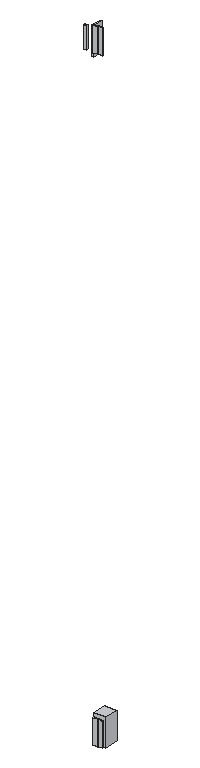
Revit family "МетеорЛифт_Лифт_Пассажирский_МетеорЛифт_EvoNG_LOD100", category Оборудование, Revit 2020
Family settings
  Размер круглого соединителя = Использовать диаметр
  Тип детали = Нормальный
  Всегда вертикально = Да
  При загрузке вырезать с полостями = Да
  Общий = Да
  Точка расчета площади = Нет
Parameters (values of type "Г/п 400 кг / Кабина 950х1100 мм (ШхГ)")
  Смещение проема [instance] = Смещение : 0
  Сечение кабеля питания, кв. мм [instance] = "Не более 10"  # constant formula
  Привязка шкафа управления [instance] = 150 mm  # constant formula
  Полная мощность освещения шахты [instance] = 1320 VA  # constant formula
  Полная мощность лифта [instance] = Номинальная мощность лифта / 0.98  # 4591.84 VA
  Отметка по умолчанию = 0 mm
  Ось направляющих кабины = CD / 2 - if(CD > 1850 mm, 100 mm, if(CW > 1800 mm, 70 mm, 0 mm))  # 550 mm
  Минимальное пространство над кабиной [instance] = if(SPEED_CODE = 2, 407 mm, if(SPEED_CODE = 3, 563 mm, 627 mm)) + if(CW > 1850 mm, 60 mm, 0 mm)  # 407 mm
  Значение привязки оси проема [instance] = if(or((Привязка оси проема к стене шахты со стороны противовеса - Минимальная привязка оси проема к стене шахты со стороны противовеса) < 0 mm, (Привязка оси проема к стене шахты со стороны противовеса - Максимальная привязка оси проема к стене шахты со стороны противовеса) > 0 mm), "Привязка оси проема к стене шахты со стороны противовеса должна быть в указанном диапазоне", "ОК")  # "ОК"
  Значение глубины приямка [instance] = if(or((Глубина приямка - Минимальная глубина приямка) < 0 mm, (Глубина приямка - Максимальная глубина приямка) > 0 mm), "Глубина приямка должна быть в указанном диапазоне", "ОК")  # "ОК"
  Значение высоты верхней остановки [instance] = if((Высота верхней остановки - Минимальная высота верхней остановки) < 0 mm, "Высота верхней остановки должна быть не меньше указанной", "ОК")  # "ОК"
  Допустимые ширины проема [instance] = size_lookup("Openings", "OP_RANGE", "-", CW, DOOR_CODE)  # "700; 800"
  Допустимое смещение проема [instance] = size_lookup("Dop", "DOP_OK", "Скорректируйте смещение проема!", CW, DOOR_CODE, OP, DOP)  # "OK"
  Штихмасс противовеса [instance] = if(Ловители на противовесе, 780 mm, (if(and(DL = 1000, CD > 1150 mm), 1000 mm, if(or(DL = 400, DL = 450), 780 mm, 900 mm))))  # 780 mm
  Штихмасс кабины = CW + 80 mm  # 1030 mm
  ШкафУправления_ПереднийВход [instance] = if(or(not(Проходная кабина), Передний вход на верхней остановке), Шкаф управления, Шкаф управления отсутствует)  # МетеорЛифт_ШкафУправления_МетеорЛифт : МетеорЛифт_ШкафУправления_МетеорЛифт
  Шкаф управления отсутствует [instance] = МетеорЛифт_ШкафУправления_Отсутствует : МетеорЛифт_ШкафУправления_Отсутствует
  ШкафУправления_ЗаднийВход [instance] = if(and(ШкафУправления_ПереднийВход = Шкаф управления отсутствует, Задний вход на верхней остановке), Шкаф управления, Шкаф управления отсутствует)  # МетеорЛифт_ШкафУправления_Отсутствует : МетеорЛифт_ШкафУправления_Отсутствует
  Шкаф управления [instance] = МетеорЛифт_ШкафУправления_МетеорЛифт : МетеорЛифт_ШкафУправления_МетеорЛифт
  Ширина шахты фактическая [instance] = HW_LIM  # 1500 mm
  Ширина проема [instance] = Ширина : 700
  Частота [instance] = 50 Hz  # constant formula
  Центрального открывания [instance] = МетеорЛифт_ДверьШахты_ЦентральногоОткрывания_МетеорЛифт_Prima-S : МетеорЛифт_ДверьШахты_ЦентральногоОткрывания_МетеорЛифт_Prima-S
  Уровень 9 остановки [instance] = 22000 mm
  Уровень 8 остановки [instance] = 19250 mm
  Уровень 7 остановки [instance] = 16500 mm
  Уровень 29 остановки [instance] = 77000 mm
  Уровень 28 остановки [instance] = 74250 mm
  Уровень 27 остановки [instance] = 71500 mm
  Уровень 26 остановки [instance] = 68750 mm
  Уровень 25 остановки [instance] = 66000 mm
  Уровень 24 остановки [instance] = 63250 mm
  Уровень 23 остановки [instance] = 60500 mm
  Уровень 22 остановки [instance] = 57750 mm
  Уровень 21 остановки [instance] = 55000 mm
  Уровень 20 остановки [instance] = 52250 mm
  Уровень 19 остановки [instance] = 49500 mm
  Уровень 18 остановки [instance] = 46750 mm
  Уровень 17 остановки [instance] = 44000 mm
  Уровень 16 остановки [instance] = 41250 mm
  Уровень 15 остановки [instance] = 38500 mm
  Уровень 14 остановки [instance] = 35750 mm
  Уровень 13 остановки [instance] = 33000 mm
  Уровень 12 остановки [instance] = 30250 mm
  Уровень 11 остановки [instance] = 27500 mm
  Уровень 10 остановки [instance] = 24750 mm
  Тип кабины = "06D"
  Телефон = "8 800 200 68 47"  # constant formula
  Телескопические [instance] = МетеорЛифт_ДверьШахты_Телескопическая_МетеорЛифт_Prima-S : МетеорЛифт_ДверьШахты_Телескопическая_МетеорЛифт_Prima-S
  Скорость (м/с) [instance] = 1.0 : 1.0
  Пусковой ток [instance] = IS  # 9.4 A
  Привязка оси проема к стене шахты со стороны противовеса фактическая [instance] = HL6_LIM  # 850 mm
  Передний вход на 9 остановке [instance] = yes
  Передний вход на 8 остановке [instance] = yes
  Передний вход на 7 остановке [instance] = yes
  Передний вход на 29 остановке [instance] = yes
  Передний вход на 28 остановке [instance] = yes
  Передний вход на 27 остановке [instance] = yes
  Передний вход на 26 остановке [instance] = yes
  Передний вход на 25 остановке [instance] = yes
  Передний вход на 24 остановке [instance] = yes
  Передний вход на 23 остановке [instance] = yes
  Передний вход на 22 остановке [instance] = yes
  Передний вход на 21 остановке [instance] = yes
  Передний вход на 20 остановке [instance] = yes
  Передний вход на 19 остановке [instance] = yes
  Передний вход на 18 остановке [instance] = yes
  Передний вход на 17 остановке [instance] = yes
  Передний вход на 16 остановке [instance] = yes
  Передний вход на 15 остановке [instance] = yes
  Передний вход на 14 остановке [instance] = yes
  Передний вход на 13 остановке [instance] = yes
  Передний вход на 12 остановке [instance] = yes
  Передний вход на 11 остановке [instance] = yes
  Передний вход на 10 остановке [instance] = yes
  Отсутствуют [instance] = МетеорЛифт_ДверьШахты_Отсутствует : МетеорЛифт_ДверьШахты_Отсутствует
  Описание = "Лифт электрический пассажирский без машинного помещения"  # constant formula
  Номинальный ток [instance] = IB  # 7.2 A
  Номинальная скорость (м/с) [instance] = if([Скорость (м/с)] = v 1.0, "1.0", "1.6")  # "1.0"
  Номинальная мощность лифта [instance] = POWER  # 4500 W
  Номинал автомата защиты в контроллере лифта [instance] = if(Количество пассажиров = 6, if([Скорость (м/с)] = v 1.0, 20 A, 20 A), if(Количество пассажиров = 8, if([Скорость (м/с)] = v 1.0, 20 A, 25 A), if([Скорость (м/с)] = v 1.0, 20 A, 25 A)))  # 20 A
  Номер контракта [instance] = ""
  Напряжение в сети освещения шахты [instance] = 220 V  # constant formula
  Напряжение [instance] = 380 V  # constant formula
  Направляющая противовеса [instance] = if(or(Ловители на противовесе, Грузоподъемность = 1000), 82, 70)  # 70
  Направляющая кабины [instance] = if(Грузоподъемность = 1000, 89, 82)  # 82
  Направление открывания дверей [instance] = no
  Оборудование [instance] = "GeN2 Premier MRL"  # constant formula
  Минимальное количество остановок [instance] = 2  # constant formula
  Минимальная ширина шахты [instance] = HW_MIN  # 1466 mm
  Максимальный ток [instance] = 6 A  # constant formula
  Максимальная ширина шахты [instance] = HW_MAX  # 1974 mm
  Лифт для пожарных [instance] = no
  Лифт для инвалидов [instance] = no
  Количество остановок фактическое [instance] = if(Количество остановок < 2, 2, if(Количество остановок > Максимальное количество остановок, Максимальное количество остановок, Количество остановок))  # 2
  Код скорости [instance] = SPEED_CODE  # 2
  Исполнение этажных аппаратов (выз. посты, ключи) [instance] = "Объемная панель"
  Исполнение противовеса [instance] = if(Ловители на противовесе, "Противовес с ловителями", "Противовес без ловителей")  # "Противовес без ловителей"
  Доступные смещения проема [instance] = size_lookup("Dop", "DOP_RANGE", "-", CW, DOOR_CODE, OP)  # "0*; 75; 100"
  Допустимая ширина проема [instance] = size_lookup("Openings", "OP_OK", "Скорректируйте ширину проема!", CW, DOOR_CODE, OP)  # "OK"
  Двери кабины и шахты [instance] = Тип дверей : Телескопические
  Высота рельса противовеса [instance] = if(Направляющая противовеса = 70, 65 mm, 68 mm)  # 65 mm
  Высота рельса кабины [instance] = if(Направляющая кабины = 89, 62 mm, 68 mm)  # 68 mm
  Высота ограждения на крыше кабины [instance] = PARAP  # 900 mm
  Вылет одиночного кронштейна [instance] = Ширина шахты фактическая - (Привязка оси проема к стене шахты со стороны противовеса фактическая - Смещение дверного проема) - (Штихмасс кабины / 2) - Высота рельса кабины  # 67 mm
  Вылет П-образного кронштейна [instance] = Привязка оси проема к стене шахты со стороны противовеса фактическая - Смещение дверного проема - Ось противовеса + 129 mm  # 267 mm
  Значение ширины шахты [instance] = if(or((Ширина шахты - HW_MIN) < 0 mm, (Ширина шахты - HW_MAX) > 0 mm), "Ширина шахты должна быть в указанном диапазоне", "ОК")  # "ОК"
  Значение глубины шахты [instance] = if(or((Глубина шахты - Минимальная глубина шахты) < 0 mm, (Глубина шахты - Максимальная глубина шахты) > 0 mm), "Глубина шахты должна быть в указанном диапазоне", "ОК")  # "ОК"
  Возможность применения дверей выбранного типа [instance] = if(and(or(CW = 1000 mm, CW = 2100 mm), DOOR_CODE = 9), "Двери центрального открывания неприменимы с данным типом кабины!", "ОК")  # "ОК"
  Инфографика [instance] = yes
  Изготовитель = "ООО \"Метеор Лифт\""
  Задний вход на 9 остановке [instance] = yes
  Задний вход на 8 остановке [instance] = yes
  Задний вход на 7 остановке [instance] = yes
  Задний вход на 29 остановке [instance] = yes
  Задний вход на 28 остановке [instance] = yes
  Задний вход на 27 остановке [instance] = yes
  Задний вход на 26 остановке [instance] = yes
  Задний вход на 25 остановке [instance] = yes
  Задний вход на 24 остановке [instance] = yes
  Задний вход на 23 остановке [instance] = yes
  Задний вход на 22 остановке [instance] = yes
  Задний вход на 21 остановке [instance] = yes
  Задний вход на 20 остановке [instance] = yes
  Задний вход на 19 остановке [instance] = yes
  Задний вход на 18 остановке [instance] = yes
  Задний вход на 17 остановке [instance] = yes
  Задний вход на 16 остановке [instance] = yes
  Задний вход на 15 остановке [instance] = yes
  Задний вход на 14 остановке [instance] = yes
  Задний вход на 13 остановке [instance] = yes
  Задний вход на 12 остановке [instance] = yes
  Задний вход на 11 остановке [instance] = yes
  Задний вход на 10 остановке [instance] = yes
  Дверь_ПереднийВход_НижняяОстановка [instance] = if(front_bottom = 1, if(Код дверей = 8, Телескопические, Центрального открывания), Отсутствуют)  # МетеорЛифт_ДверьШахты_Телескопическая_МетеорЛифт_Prima-S : МетеорЛифт_ДверьШахты_Телескопическая_МетеорЛифт_Prima-S
  Дверь_ПереднийВход_ВерхняяОстановка [instance] = if(front_top = 1, if(Код дверей = 8, Телескопические, Центрального открывания), Отсутствуют)  # МетеорЛифт_ДверьШахты_Телескопическая_МетеорЛифт_Prima-S : МетеорЛифт_ДверьШахты_Телескопическая_МетеорЛифт_Prima-S
  Дверь_ПереднийВход_9Остановка [instance] = if(front_9 = 1, if(Код дверей = 8, Телескопические, Центрального открывания), Отсутствуют)  # МетеорЛифт_ДверьШахты_Отсутствует : МетеорЛифт_ДверьШахты_Отсутствует
  Дверь_ПереднийВход_8Остановка [instance] = if(front_8 = 1, if(Код дверей = 8, Телескопические, Центрального открывания), Отсутствуют)  # МетеорЛифт_ДверьШахты_Отсутствует : МетеорЛифт_ДверьШахты_Отсутствует
  Дверь_ПереднийВход_7Остановка [instance] = if(front_7 = 1, if(Код дверей = 8, Телескопические, Центрального открывания), Отсутствуют)  # МетеорЛифт_ДверьШахты_Отсутствует : МетеорЛифт_ДверьШахты_Отсутствует
  Дверь_ПереднийВход_6Остановка [instance] = if(front_6 = 1, if(Код дверей = 8, Телескопические, Центрального открывания), Отсутствуют)  # МетеорЛифт_ДверьШахты_Отсутствует : МетеорЛифт_ДверьШахты_Отсутствует
  Дверь_ПереднийВход_5Остановка [instance] = if(front_5 = 1, if(Код дверей = 8, Телескопические, Центрального открывания), Отсутствуют)  # МетеорЛифт_ДверьШахты_Отсутствует : МетеорЛифт_ДверьШахты_Отсутствует
  Дверь_ПереднийВход_4Остановка [instance] = if(front_4 = 1, if(Код дверей = 8, Телескопические, Центрального открывания), Отсутствуют)  # МетеорЛифт_ДверьШахты_Отсутствует : МетеорЛифт_ДверьШахты_Отсутствует
  Дверь_ПереднийВход_3Остановка [instance] = if(front_3 = 1, if(Код дверей = 8, Телескопические, Центрального открывания), Отсутствуют)  # МетеорЛифт_ДверьШахты_Отсутствует : МетеорЛифт_ДверьШахты_Отсутствует
  Дверь_ПереднийВход_2Остановка [instance] = if(front_2 = 1, if(Код дверей = 8, Телескопические, Центрального открывания), Отсутствуют)  # МетеорЛифт_ДверьШахты_Отсутствует : МетеорЛифт_ДверьШахты_Отсутствует
  Дверь_ПереднийВход_29Остановка [instance] = if(front_29 = 1, if(Код дверей = 8, Телескопические, Центрального открывания), Отсутствуют)  # МетеорЛифт_ДверьШахты_Отсутствует : МетеорЛифт_ДверьШахты_Отсутствует
  Дверь_ПереднийВход_28Остановка [instance] = if(front_28 = 1, if(Код дверей = 8, Телескопические, Центрального открывания), Отсутствуют)  # МетеорЛифт_ДверьШахты_Отсутствует : МетеорЛифт_ДверьШахты_Отсутствует
  Дверь_ПереднийВход_27Остановка [instance] = if(front_27 = 1, if(Код дверей = 8, Телескопические, Центрального открывания), Отсутствуют)  # МетеорЛифт_ДверьШахты_Отсутствует : МетеорЛифт_ДверьШахты_Отсутствует
  Дверь_ПереднийВход_26Остановка [instance] = if(front_26 = 1, if(Код дверей = 8, Телескопические, Центрального открывания), Отсутствуют)  # МетеорЛифт_ДверьШахты_Отсутствует : МетеорЛифт_ДверьШахты_Отсутствует
  Дверь_ПереднийВход_25Остановка [instance] = if(front_25 = 1, if(Код дверей = 8, Телескопические, Центрального открывания), Отсутствуют)  # МетеорЛифт_ДверьШахты_Отсутствует : МетеорЛифт_ДверьШахты_Отсутствует
  Дверь_ПереднийВход_24Остановка [instance] = if(front_24 = 1, if(Код дверей = 8, Телескопические, Центрального открывания), Отсутствуют)  # МетеорЛифт_ДверьШахты_Отсутствует : МетеорЛифт_ДверьШахты_Отсутствует
  Дверь_ПереднийВход_23Остановка [instance] = if(front_23 = 1, if(Код дверей = 8, Телескопические, Центрального открывания), Отсутствуют)  # МетеорЛифт_ДверьШахты_Отсутствует : МетеорЛифт_ДверьШахты_Отсутствует
  Дверь_ПереднийВход_22Остановка [instance] = if(front_22 = 1, if(Код дверей = 8, Телескопические, Центрального открывания), Отсутствуют)  # МетеорЛифт_ДверьШахты_Отсутствует : МетеорЛифт_ДверьШахты_Отсутствует
  Дверь_ПереднийВход_21Остановка [instance] = if(front_21 = 1, if(Код дверей = 8, Телескопические, Центрального открывания), Отсутствуют)  # МетеорЛифт_ДверьШахты_Отсутствует : МетеорЛифт_ДверьШахты_Отсутствует
  Дверь_ПереднийВход_20Остановка [instance] = if(front_20 = 1, if(Код дверей = 8, Телескопические, Центрального открывания), Отсутствуют)  # МетеорЛифт_ДверьШахты_Отсутствует : МетеорЛифт_ДверьШахты_Отсутствует
  Дверь_ПереднийВход_19Остановка [instance] = if(front_19 = 1, if(Код дверей = 8, Телескопические, Центрального открывания), Отсутствуют)  # МетеорЛифт_ДверьШахты_Отсутствует : МетеорЛифт_ДверьШахты_Отсутствует
  Дверь_ПереднийВход_18Остановка [instance] = if(front_18 = 1, if(Код дверей = 8, Телескопические, Центрального открывания), Отсутствуют)  # МетеорЛифт_ДверьШахты_Отсутствует : МетеорЛифт_ДверьШахты_Отсутствует
  Дверь_ПереднийВход_17Остановка [instance] = if(front_17 = 1, if(Код дверей = 8, Телескопические, Центрального открывания), Отсутствуют)  # МетеорЛифт_ДверьШахты_Отсутствует : МетеорЛифт_ДверьШахты_Отсутствует
  Дверь_ПереднийВход_16Остановка [instance] = if(front_16 = 1, if(Код дверей = 8, Телескопические, Центрального открывания), Отсутствуют)  # МетеорЛифт_ДверьШахты_Отсутствует : МетеорЛифт_ДверьШахты_Отсутствует
  Дверь_ПереднийВход_15Остановка [instance] = if(front_15 = 1, if(Код дверей = 8, Телескопические, Центрального открывания), Отсутствуют)  # МетеорЛифт_ДверьШахты_Отсутствует : МетеорЛифт_ДверьШахты_Отсутствует
  Дверь_ПереднийВход_14Остановка [instance] = if(front_14 = 1, if(Код дверей = 8, Телескопические, Центрального открывания), Отсутствуют)  # МетеорЛифт_ДверьШахты_Отсутствует : МетеорЛифт_ДверьШахты_Отсутствует
  Дверь_ПереднийВход_13Остановка [instance] = if(front_13 = 1, if(Код дверей = 8, Телескопические, Центрального открывания), Отсутствуют)  # МетеорЛифт_ДверьШахты_Отсутствует : МетеорЛифт_ДверьШахты_Отсутствует
  Дверь_ПереднийВход_12Остановка [instance] = if(front_12 = 1, if(Код дверей = 8, Телескопические, Центрального открывания), Отсутствуют)  # МетеорЛифт_ДверьШахты_Отсутствует : МетеорЛифт_ДверьШахты_Отсутствует
  Дверь_ПереднийВход_11Остановка [instance] = if(front_11 = 1, if(Код дверей = 8, Телескопические, Центрального открывания), Отсутствуют)  # МетеорЛифт_ДверьШахты_Отсутствует : МетеорЛифт_ДверьШахты_Отсутствует
  Дверь_ПереднийВход_10Остановка [instance] = if(front_10 = 1, if(Код дверей = 8, Телескопические, Центрального открывания), Отсутствуют)  # МетеорЛифт_ДверьШахты_Отсутствует : МетеорЛифт_ДверьШахты_Отсутствует
  Дверь_ЗаднийВход_НижняяОстановка [instance] = if(rear_bottom = 1, if(Код дверей = 8, Телескопические, Центрального открывания), Отсутствуют)  # МетеорЛифт_ДверьШахты_Отсутствует : МетеорЛифт_ДверьШахты_Отсутствует
  Дверь_ЗаднийВход_ВерхняяОстановка [instance] = if(rear_top = 1, if(Код дверей = 8, Телескопические, Центрального открывания), Отсутствуют)  # МетеорЛифт_ДверьШахты_Отсутствует : МетеорЛифт_ДверьШахты_Отсутствует
  Дверь_ЗаднийВход_9Остановка [instance] = if(rear_9 = 1, if(Код дверей = 8, Телескопические, Центрального открывания), Отсутствуют)  # МетеорЛифт_ДверьШахты_Отсутствует : МетеорЛифт_ДверьШахты_Отсутствует
  Дверь_ЗаднийВход_8Остановка [instance] = if(rear_8 = 1, if(Код дверей = 8, Телескопические, Центрального открывания), Отсутствуют)  # МетеорЛифт_ДверьШахты_Отсутствует : МетеорЛифт_ДверьШахты_Отсутствует
  Дверь_ЗаднийВход_7Остановка [instance] = if(rear_7 = 1, if(Код дверей = 8, Телескопические, Центрального открывания), Отсутствуют)  # МетеорЛифт_ДверьШахты_Отсутствует : МетеорЛифт_ДверьШахты_Отсутствует
  Дверь_ЗаднийВход_6Остановка [instance] = if(rear_6 = 1, if(Код дверей = 8, Телескопические, Центрального открывания), Отсутствуют)  # МетеорЛифт_ДверьШахты_Отсутствует : МетеорЛифт_ДверьШахты_Отсутствует
  Дверь_ЗаднийВход_5Остановка [instance] = if(rear_5 = 1, if(Код дверей = 8, Телескопические, Центрального открывания), Отсутствуют)  # МетеорЛифт_ДверьШахты_Отсутствует : МетеорЛифт_ДверьШахты_Отсутствует
  Дверь_ЗаднийВход_4Остановка [instance] = if(rear_4 = 1, if(Код дверей = 8, Телескопические, Центрального открывания), Отсутствуют)  # МетеорЛифт_ДверьШахты_Отсутствует : МетеорЛифт_ДверьШахты_Отсутствует
  Дверь_ЗаднийВход_3Остановка [instance] = if(rear_3 = 1, if(Код дверей = 8, Телескопические, Центрального открывания), Отсутствуют)  # МетеорЛифт_ДверьШахты_Отсутствует : МетеорЛифт_ДверьШахты_Отсутствует
  Дверь_ЗаднийВход_2Остановка [instance] = if(rear_2 = 1, if(Код дверей = 8, Телескопические, Центрального открывания), Отсутствуют)  # МетеорЛифт_ДверьШахты_Отсутствует : МетеорЛифт_ДверьШахты_Отсутствует
  Дверь_ЗаднийВход_29Остановка [instance] = if(rear_29 = 1, if(Код дверей = 8, Телескопические, Центрального открывания), Отсутствуют)  # МетеорЛифт_ДверьШахты_Отсутствует : МетеорЛифт_ДверьШахты_Отсутствует
  Дверь_ЗаднийВход_28Остановка [instance] = if(rear_28 = 1, if(Код дверей = 8, Телескопические, Центрального открывания), Отсутствуют)  # МетеорЛифт_ДверьШахты_Отсутствует : МетеорЛифт_ДверьШахты_Отсутствует
  Дверь_ЗаднийВход_27Остановка [instance] = if(rear_27 = 1, if(Код дверей = 8, Телескопические, Центрального открывания), Отсутствуют)  # МетеорЛифт_ДверьШахты_Отсутствует : МетеорЛифт_ДверьШахты_Отсутствует
  Дверь_ЗаднийВход_26Остановка [instance] = if(rear_26 = 1, if(Код дверей = 8, Телескопические, Центрального открывания), Отсутствуют)  # МетеорЛифт_ДверьШахты_Отсутствует : МетеорЛифт_ДверьШахты_Отсутствует
  Дверь_ЗаднийВход_25Остановка [instance] = if(rear_25 = 1, if(Код дверей = 8, Телескопические, Центрального открывания), Отсутствуют)  # МетеорЛифт_ДверьШахты_Отсутствует : МетеорЛифт_ДверьШахты_Отсутствует
  Дверь_ЗаднийВход_24Остановка [instance] = if(rear_24 = 1, if(Код дверей = 8, Телескопические, Центрального открывания), Отсутствуют)  # МетеорЛифт_ДверьШахты_Отсутствует : МетеорЛифт_ДверьШахты_Отсутствует
  Дверь_ЗаднийВход_23Остановка [instance] = if(rear_23 = 1, if(Код дверей = 8, Телескопические, Центрального открывания), Отсутствуют)  # МетеорЛифт_ДверьШахты_Отсутствует : МетеорЛифт_ДверьШахты_Отсутствует
  Дверь_ЗаднийВход_22Остановка [instance] = if(rear_22 = 1, if(Код дверей = 8, Телескопические, Центрального открывания), Отсутствуют)  # МетеорЛифт_ДверьШахты_Отсутствует : МетеорЛифт_ДверьШахты_Отсутствует
  Дверь_ЗаднийВход_21Остановка [instance] = if(rear_21 = 1, if(Код дверей = 8, Телескопические, Центрального открывания), Отсутствуют)  # МетеорЛифт_ДверьШахты_Отсутствует : МетеорЛифт_ДверьШахты_Отсутствует
  Дверь_ЗаднийВход_20Остановка [instance] = if(rear_20 = 1, if(Код дверей = 8, Телескопические, Центрального открывания), Отсутствуют)  # МетеорЛифт_ДверьШахты_Отсутствует : МетеорЛифт_ДверьШахты_Отсутствует
  Дверь_ЗаднийВход_19Остановка [instance] = if(rear_19 = 1, if(Код дверей = 8, Телескопические, Центрального открывания), Отсутствуют)  # МетеорЛифт_ДверьШахты_Отсутствует : МетеорЛифт_ДверьШахты_Отсутствует
  Дверь_ЗаднийВход_18Остановка [instance] = if(rear_18 = 1, if(Код дверей = 8, Телескопические, Центрального открывания), Отсутствуют)  # МетеорЛифт_ДверьШахты_Отсутствует : МетеорЛифт_ДверьШахты_Отсутствует
  Дверь_ЗаднийВход_17Остановка [instance] = if(rear_17 = 1, if(Код дверей = 8, Телескопические, Центрального открывания), Отсутствуют)  # МетеорЛифт_ДверьШахты_Отсутствует : МетеорЛифт_ДверьШахты_Отсутствует
  Дверь_ЗаднийВход_16Остановка [instance] = if(rear_16 = 1, if(Код дверей = 8, Телескопические, Центрального открывания), Отсутствуют)  # МетеорЛифт_ДверьШахты_Отсутствует : МетеорЛифт_ДверьШахты_Отсутствует
  Дверь_ЗаднийВход_15Остановка [instance] = if(rear_15 = 1, if(Код дверей = 8, Телескопические, Центрального открывания), Отсутствуют)  # МетеорЛифт_ДверьШахты_Отсутствует : МетеорЛифт_ДверьШахты_Отсутствует
  Дверь_ЗаднийВход_14Остановка [instance] = if(rear_14 = 1, if(Код дверей = 8, Телескопические, Центрального открывания), Отсутствуют)  # МетеорЛифт_ДверьШахты_Отсутствует : МетеорЛифт_ДверьШахты_Отсутствует
  Дверь_ЗаднийВход_13Остановка [instance] = if(rear_13 = 1, if(Код дверей = 8, Телескопические, Центрального открывания), Отсутствуют)  # МетеорЛифт_ДверьШахты_Отсутствует : МетеорЛифт_ДверьШахты_Отсутствует
  Дверь_ЗаднийВход_12Остановка [instance] = if(rear_12 = 1, if(Код дверей = 8, Телескопические, Центрального открывания), Отсутствуют)  # МетеорЛифт_ДверьШахты_Отсутствует : МетеорЛифт_ДверьШахты_Отсутствует
  Дверь_ЗаднийВход_11Остановка [instance] = if(rear_11 = 1, if(Код дверей = 8, Телескопические, Центрального открывания), Отсутствуют)  # МетеорЛифт_ДверьШахты_Отсутствует : МетеорЛифт_ДверьШахты_Отсутствует
  Дверь_ЗаднийВход_10Остановка [instance] = if(rear_10 = 1, if(Код дверей = 8, Телескопические, Центрального открывания), Отсутствуют)  # МетеорЛифт_ДверьШахты_Отсутствует : МетеорЛифт_ДверьШахты_Отсутствует
  Глубина шахты фактическая [instance] = HD_LIM  # 1500 mm
  Глубина приямка фактическая [instance] = S_LIM  # 1050 mm
  Высота подъема фактическая (м) [instance] = R_LIM / 1000  # 50 mm
  Высота подъема [instance] = 104000 mm
  Высота верхней остановки фактическая [instance] = K_LIM  # 3550 mm
  v 1.75 [instance] = 1.75 : 1.75
  v 1.6 [instance] = 1.6 : 1.6
  v 1.0 [instance] = 1.0 : 1.0
  tol_rear [instance] = if(Проходная кабина, (HD_LIM - (tol_front + 105 mm + 30 mm + 132 mm + CD + 132 mm + 30 mm + 105 mm)), 15 mm)  # 15 mm
  tol_front [instance] = 15 mm  # constant formula
  rear_9 [instance] = if(Количество остановок < 10, 0, if(Проходная кабина, if(Задний вход на 9 остановке, 1, 0), 0))  # 0
  rear_7 [instance] = if(Количество остановок < 8, 0, if(Проходная кабина, if(Задний вход на 7 остановке, 1, 0), 0))  # 0
  rear_8 [instance] = if(Количество остановок < 9, 0, if(Проходная кабина, if(Задний вход на 8 остановке, 1, 0), 0))  # 0
  rear_29 [instance] = if(Количество остановок < 30, 0, if(Проходная кабина, if(Задний вход на 29 остановке, 1, 0), 0))  # 0
  rear_28 [instance] = if(Количество остановок < 29, 0, if(Проходная кабина, if(Задний вход на 28 остановке, 1, 0), 0))  # 0
  rear_27 [instance] = if(Количество остановок < 28, 0, if(Проходная кабина, if(Задний вход на 27 остановке, 1, 0), 0))  # 0
  rear_26 [instance] = if(Количество остановок < 27, 0, if(Проходная кабина, if(Задний вход на 26 остановке, 1, 0), 0))  # 0
  rear_25 [instance] = if(Количество остановок < 26, 0, if(Проходная кабина, if(Задний вход на 25 остановке, 1, 0), 0))  # 0
  rear_24 [instance] = if(Количество остановок < 25, 0, if(Проходная кабина, if(Задний вход на 24 остановке, 1, 0), 0))  # 0
  rear_23 [instance] = if(Количество остановок < 24, 0, if(Проходная кабина, if(Задний вход на 23 остановке, 1, 0), 0))  # 0
  rear_22 [instance] = if(Количество остановок < 23, 0, if(Проходная кабина, if(Задний вход на 22 остановке, 1, 0), 0))  # 0
  rear_21 [instance] = if(Количество остановок < 22, 0, if(Проходная кабина, if(Задний вход на 21 остановке, 1, 0), 0))  # 0
  rear_20 [instance] = if(Количество остановок < 21, 0, if(Проходная кабина, if(Задний вход на 20 остановке, 1, 0), 0))  # 0
  rear_19 [instance] = if(Количество остановок < 20, 0, if(Проходная кабина, if(Задний вход на 19 остановке, 1, 0), 0))  # 0
  rear_18 [instance] = if(Количество остановок < 19, 0, if(Проходная кабина, if(Задний вход на 18 остановке, 1, 0), 0))  # 0
  rear_17 [instance] = if(Количество остановок < 18, 0, if(Проходная кабина, if(Задний вход на 17 остановке, 1, 0), 0))  # 0
  rear_16 [instance] = if(Количество остановок < 17, 0, if(Проходная кабина, if(Задний вход на 16 остановке, 1, 0), 0))  # 0
  rear_15 [instance] = if(Количество остановок < 16, 0, if(Проходная кабина, if(Задний вход на 15 остановке, 1, 0), 0))  # 0
  rear_14 [instance] = if(Количество остановок < 15, 0, if(Проходная кабина, if(Задний вход на 14 остановке, 1, 0), 0))  # 0
  rear_13 [instance] = if(Количество остановок < 14, 0, if(Проходная кабина, if(Задний вход на 13 остановке, 1, 0), 0))  # 0
  rear_12 [instance] = if(Количество остановок < 13, 0, if(Проходная кабина, if(Задний вход на 12 остановке, 1, 0), 0))  # 0
  rear_11 [instance] = if(Количество остановок < 12, 0, if(Проходная кабина, if(Задний вход на 11 остановке, 1, 0), 0))  # 0
  rear_10 [instance] = if(Количество остановок < 11, 0, if(Проходная кабина, if(Задний вход на 10 остановке, 1, 0), 0))  # 0
  l_hd2min3 [instance] = 180 mm + 343 mm + 10 mm  # 533 mm
  l_hd2min2 [instance] = (CD - Ось направляющих кабины) + if(Проходная кабина, 267 mm, 50 mm)  # 600 mm
  l_hd2min1 [instance] = Штихмасс противовеса / 2 + Высота рельса противовеса + 155 mm  # 610 mm
  l_hd2min [instance] = if(l_hd2min1 > l_hd2min2, l_hd2min1, if(l_hd2min2 > l_hd2min3, l_hd2min2, l_hd2min3))  # 610 mm
  l_hd1 [instance] = 267 mm + Ось направляющих кабины  # 817 mm
  l1 [instance] = if(Ловители на противовесе, (334 mm - 129 mm), (228 mm - 129 mm))  # 99 mm
  hw2_min_door [instance] = DOP + if(DOOR_CODE = 9, (OP + 63 mm), (OP / 2 + 149 mm)) + 10 mm  # 509 mm
  hw2_min_car [instance] = CW / 2 + 40 mm + Высота рельса кабины + 42 mm  # 625 mm
  hw2_min [instance] = if(hw2_min_car > hw2_min_door, hw2_min_car, hw2_min_door) + 15 mm  # 640 mm
  hw2_max [instance] = CW / 2 + 40 mm + Высота рельса кабины + 402 mm - 30 mm  # 955 mm
  hw1_min_door [instance] = -DOP + OP + if(DOOR_CODE = 9, 63 mm, 54 mm) + 10 mm  # 764 mm
  hw1_min_car [instance] = Ось противовеса + l1  # 811 mm
  hw1_min [instance] = if(hw1_min_car > hw1_min_door, hw1_min_car, hw1_min_door) + 15 mm  # 826 mm
  hw1_max [instance] = Ось противовеса + (466 mm - 129 mm) - 30 mm  # 1019 mm
  front_9 [instance] = if(Количество остановок < 10, 0, if(Проходная кабина, if(Передний вход на 9 остановке, 1, 0), 1))  # 0
  front_8 [instance] = if(Количество остановок < 9, 0, if(Проходная кабина, if(Передний вход на 8 остановке, 1, 0), 1))  # 0
  front_7 [instance] = if(Количество остановок < 8, 0, if(Проходная кабина, if(Передний вход на 7 остановке, 1, 0), 1))  # 0
  front_29 [instance] = if(Количество остановок < 30, 0, if(Проходная кабина, if(Передний вход на 29 остановке, 1, 0), 1))  # 0
  front_28 [instance] = if(Количество остановок < 29, 0, if(Проходная кабина, if(Передний вход на 28 остановке, 1, 0), 1))  # 0
  front_27 [instance] = if(Количество остановок < 28, 0, if(Проходная кабина, if(Передний вход на 27 остановке, 1, 0), 1))  # 0
  front_26 [instance] = if(Количество остановок < 27, 0, if(Проходная кабина, if(Передний вход на 26 остановке, 1, 0), 1))  # 0
  front_25 [instance] = if(Количество остановок < 26, 0, if(Проходная кабина, if(Передний вход на 25 остановке, 1, 0), 1))  # 0
  front_24 [instance] = if(Количество остановок < 25, 0, if(Проходная кабина, if(Передний вход на 24 остановке, 1, 0), 1))  # 0
  front_23 [instance] = if(Количество остановок < 24, 0, if(Проходная кабина, if(Передний вход на 23 остановке, 1, 0), 1))  # 0
  front_22 [instance] = if(Количество остановок < 23, 0, if(Проходная кабина, if(Передний вход на 22 остановке, 1, 0), 1))  # 0
  front_21 [instance] = if(Количество остановок < 22, 0, if(Проходная кабина, if(Передний вход на 21 остановке, 1, 0), 1))  # 0
  front_20 [instance] = if(Количество остановок < 21, 0, if(Проходная кабина, if(Передний вход на 20 остановке, 1, 0), 1))  # 0
  front_19 [instance] = if(Количество остановок < 20, 0, if(Проходная кабина, if(Передний вход на 19 остановке, 1, 0), 1))  # 0
  front_18 [instance] = if(Количество остановок < 19, 0, if(Проходная кабина, if(Передний вход на 18 остановке, 1, 0), 1))  # 0
  front_17 [instance] = if(Количество остановок < 18, 0, if(Проходная кабина, if(Передний вход на 17 остановке, 1, 0), 1))  # 0
  front_16 [instance] = if(Количество остановок < 17, 0, if(Проходная кабина, if(Передний вход на 16 остановке, 1, 0), 1))  # 0
  front_15 [instance] = if(Количество остановок < 16, 0, if(Проходная кабина, if(Передний вход на 15 остановке, 1, 0), 1))  # 0
  front_14 [instance] = if(Количество остановок < 15, 0, if(Проходная кабина, if(Передний вход на 14 остановке, 1, 0), 1))  # 0
  front_13 [instance] = if(Количество остановок < 14, 0, if(Проходная кабина, if(Передний вход на 13 остановке, 1, 0), 1))  # 0
  front_12 [instance] = if(Количество остановок < 13, 0, if(Проходная кабина, if(Передний вход на 12 остановке, 1, 0), 1))  # 0
  front_11 [instance] = if(Количество остановок < 12, 0, if(Проходная кабина, if(Передний вход на 11 остановке, 1, 0), 1))  # 0
  front_10 [instance] = if(Количество остановок < 11, 0, if(Проходная кабина, if(Передний вход на 10 остановке, 1, 0), 1))  # 0
  cos ф [instance] = "> 0.98"  # constant formula
  URL = "https://meteor.ru/equipment/elevators/meteor-evo/"
  SPEED_CODE [instance] = if([Скорость (м/с)] = v 1.0, 2, if([Скорость (м/с)] = v 1.6, 3, 4))  # 2
  R_LIM [instance] = if(Высота подъема > Максимальная высота подъема, Максимальная высота подъема, Высота подъема)  # 50000 mm
  RMAX [instance] = if(not(R_LIM > 25000 mm), 25000 mm, if(not(R_LIM > 40000 mm), 40000 mm, if(not(R_LIM > 70000 mm), 70000 mm, if(not(R_LIM > 90000 mm), 90000 mm, 100000 mm))))  # 70000 mm
  POWER [instance] = size_lookup("Electric", "POWER", 0 W, DL, SPEED_CODE)  # 4500 W
  PARAP [instance] = 900 mm  # constant formula
  OPH [instance] = 2000 mm  # constant formula
  OP 900 [instance] = Ширина : 900
  OP 800 [instance] = Ширина : 800
  OP 700 [instance] = Ширина : 700
  OP 1200 [instance] = Ширина : 1200
  OP 1100 [instance] = Ширина : 1100
  OP 1000 [instance] = Ширина : 1000
  OP [instance] = if(Ширина проема = OP 700, 700 mm, if(Ширина проема = OP 800, 800 mm, if(Ширина проема = OP 900, 900 mm, if(Ширина проема = OP 1000, 1000 mm, if(Ширина проема = OP 1100, 1100 mm, if(Ширина проема = OP 1200, 1200 mm, 0 mm))))))  # 700 mm
  NBPAS = 5
  IS [instance] = size_lookup("Electric", "IS", 0 A, DL, SPEED_CODE)  # 9.4 A
  IB [instance] = size_lookup("Electric", "IB", 0 A, DL, SPEED_CODE)  # 7.2 A
  HW_MIN [instance] = hw1_min + hw2_min  # 1466 mm
  HW_LIM [instance] = if(Ширина шахты < HW_MIN, HW_MIN, if(Ширина шахты > HW_MAX, HW_MAX, Ширина шахты))  # 1500 mm
  Ширина шахты [instance] = 1500 mm
  Ширина кабины [instance] = CW  # 950 mm
  Ширина дверного проема [instance] = OP  # 700 mm
  Уровень 6 остановки [instance] = 13750 mm
  Уровень 5 остановки [instance] = 11000 mm
  Уровень 4 остановки [instance] = 8250 mm
  Уровень 3 остановки [instance] = 5500 mm
  Уровень 2 остановки [instance] = 2750 mm
  Толщина передней стены шахты [instance] = 200 mm
  Толщина задней стены шахты [instance] = 200 mm
  Тип дверей кабины и шахты [instance] = if(Код дверей = 8, "Телескопические", "Центрального открывания")  # "Телескопические"
  Смещение дверного проема [instance] = DOP  # 0 mm
  Проходная кабина [instance] = no
  HL6_MIN [instance] = hw1_min + DOP  # 826 mm
  HL6_LIM [instance] = if(Привязка оси проема к стене шахты со стороны противовеса < Минимальная привязка оси проема к стене шахты со стороны противовеса, Минимальная привязка оси проема к стене шахты со стороны противовеса, if(Привязка оси проема к стене шахты со стороны противовеса > Максимальная привязка оси проема к стене шахты со стороны противовеса, Максимальная привязка оси проема к стене шахты со стороны противовеса, Привязка оси проема к стене шахты со стороны противовеса))  # 850 mm
  Привязка оси проема к стене шахты со стороны противовеса [instance] = 850 mm
  Передний вход на нижней остановке [instance] = yes
  Передний вход на верхней остановке [instance] = yes
  Передний вход на 6 остановке [instance] = yes
  Передний вход на 5 остановке [instance] = yes
  Передний вход на 4 остановке [instance] = yes
  Передний вход на 3 остановке [instance] = yes
  Передний вход на 2 остановке [instance] = yes
  Ось противовеса [instance] = CW / 2 + 40 mm + Высота рельса кабины + 129 mm  # 712 mm
  HL7_MIN [instance] = hw2_min - DOP  # 640 mm
  Минимальная глубина шахты [instance] = HD_MIN  # 1457 mm
  Минимальная глубина приямка [instance] = if(SPEED_CODE = 2, 1050 mm, if(SPEED_CODE = 3, 1150 mm, if(DL = 1000, 1200 mm, 1250 mm))) + if(Ловители на противовесе, if(CW > 1800 mm, (2500 mm - CH), if(DL = 1000, if(CH = 2100 mm, 200 mm, if(CH = 2400 mm, 0 mm, 100 mm)), 0 mm)), if(and(CW > 1800 mm, CH = 2100 mm), 100 mm, 0 mm))  # 1050 mm
  Минимальная высота верхней остановки [instance] = CH + PARAP + Минимальное пространство над кабиной  # 3507 mm
  Максимальное количество остановок [instance] = 30  # constant formula
  HW_MAX [instance] = hw1_max + hw2_max  # 1974 mm
  Минимальная привязка оси проема к стене шахты со стороны противовеса [instance] = if(HL6_MIN > (HW_LIM - HL7_MAX), HL6_MIN, (HW_LIM - HL7_MAX))  # 826 mm
  Максимальная привязка оси проема к стене шахты со стороны противовеса [instance] = if(HL6_MAX < (HW_LIM - HL7_MIN), HL6_MAX, (HW_LIM - HL7_MIN))  # 860 mm
  HL6_MAX [instance] = hw1_max + DOP  # 1019 mm
  HL7_MAX [instance] = hw2_max - DOP  # 955 mm
  Максимальная глубина шахты [instance] = if(Проходная кабина, CD + 619 mm, 10000 mm)  # 10000 mm
  Максимальная глубина приямка [instance] = 1700 mm  # constant formula
  Максимальная высота подъема [instance] = if(SPEED_CODE = 2, 50000 mm, if(SPEED_CODE = 3, 90000 mm, 100000 mm))  # 50000 mm
  Ловители на противовесе [instance] = no
  Лифт для ППП [instance] = if(and(or(and(not(Ширина кабины < 1100 mm), not(Глубина кабины < 2100 mm)), and(not(Ширина кабины < 2100 mm), not(Глубина кабины < 1100 mm))), not(Ширина дверного проема < 800 mm)), Лифт для пожарных, 1 < 0)  # no
  Лифт для МГН [instance] = if(and(or(not(Ширина кабины < 1400 mm), not(Глубина кабины < 1400 mm)), not(Ширина дверного проема < 800 mm)), Лифт для инвалидов, 1 < 0)  # no
  Количество пассажиров [instance] = NBPAS  # 5
  Количество остановок [instance] = 2
  Количество входов в кабину [instance] = if(Проходная кабина, 2, 1)  # 1
  Код дверей [instance] = DOOR_CODE  # 8
  Зона обслуживания шкафа управления [instance] = no
  Задний вход на нижней остановке [instance] = yes
  Задний вход на верхней остановке [instance] = yes
  Задний вход на 6 остановке [instance] = yes
  Задний вход на 5 остановке [instance] = yes
  Задний вход на 4 остановке [instance] = yes
  Задний вход на 3 остановке [instance] = yes
  Задний вход на 2 остановке [instance] = yes
  Грузоподъемность [instance] = DL  # 400
  HD_MIN [instance] = l_hd1 + l_hd2min + 30 mm  # 1457 mm
  HD_LIM [instance] = if(Глубина шахты < HD_MIN, HD_MIN, if(Глубина шахты > Максимальная глубина шахты, Максимальная глубина шахты, Глубина шахты))  # 1500 mm
  Глубина шахты [instance] = 1500 mm
  S_LIM [instance] = if(Глубина приямка < Минимальная глубина приямка, Минимальная глубина приямка, if(Глубина приямка > Максимальная глубина приямка, Максимальная глубина приямка, Глубина приямка))  # 1050 mm
  Глубина приямка [instance] = 1050 mm
  Глубина кабины [instance] = CD  # 1100 mm
  Высота кабины [instance] = CH  # 2200 mm
  Высота дверного проема [instance] = OPH  # 2000 mm
  K_LIM [instance] = if(Высота верхней остановки < Минимальная высота верхней остановки, Минимальная высота верхней остановки, Высота верхней остановки)  # 3550 mm
  Высота верхней остановки [instance] = 3550 mm
  rear_top [instance] = if(Проходная кабина, (if(Задний вход на верхней остановке, 1, 0)), 0)  # 0
  rear_bottom [instance] = if(Проходная кабина, (if(Задний вход на нижней остановке, 1, 0)), 0)  # 0
  rear_6 [instance] = if(Количество остановок < 7, 0, if(Проходная кабина, if(Задний вход на 6 остановке, 1, 0), 0))  # 0
  rear_5 [instance] = if(Количество остановок < 6, 0, if(Проходная кабина, if(Задний вход на 5 остановке, 1, 0), 0))  # 0
  rear_4 [instance] = if(Количество остановок < 5, 0, if(Проходная кабина, if(Задний вход на 4 остановке, 1, 0), 0))  # 0
  rear_3 [instance] = if(Количество остановок < 4, 0, if(Проходная кабина, if(Задний вход на 3 остановке, 1, 0), 0))  # 0
  rear_2 [instance] = if(Количество остановок < 3, 0, if(Проходная кабина, if(Задний вход на 2 остановке, 1, 0), 0))  # 0
  front_top [instance] = if(Проходная кабина, (if(Передний вход на верхней остановке, 1, 0)), 1)  # 1
  front_bottom [instance] = if(Проходная кабина, (if(Передний вход на нижней остановке, 1, 0)), 1)  # 1
  front_6 [instance] = if(Количество остановок < 7, 0, if(Проходная кабина, if(Передний вход на 6 остановке, 1, 0), 1))  # 0
  front_5 [instance] = if(Количество остановок < 6, 0, if(Проходная кабина, if(Передний вход на 5 остановке, 1, 0), 1))  # 0
  front_4 [instance] = if(Количество остановок < 5, 0, if(Проходная кабина, if(Передний вход на 4 остановке, 1, 0), 1))  # 0
  front_3 [instance] = if(Количество остановок < 4, 0, if(Проходная кабина, if(Передний вход на 3 остановке, 1, 0), 1))  # 0
  front_2 [instance] = if(Количество остановок < 3, 0, if(Проходная кабина, if(Передний вход на 2 остановке, 1, 0), 1))  # 0
  DOP 75 [instance] = Смещение : 75
  DOP 70 [instance] = Смещение : 70
  DOP 50 [instance] = Смещение : 50
  DOP 350 [instance] = Смещение : 350
  DOP 30 [instance] = Смещение : 30
  DOP 250 [instance] = Смещение : 250
  DOP 200 [instance] = Смещение : 200
  DOP 100 [instance] = Смещение : 100
  DOP 0 [instance] = Смещение : 0
  DOP [instance] = if(Смещение проема = DOP 0, 0 mm, if(Смещение проема = DOP 30, 30 mm, if(Смещение проема = DOP 50, 50 mm, if(Смещение проема = DOP 70, 70 mm, if(Смещение проема = DOP 75, 75 mm, if(Смещение проема = DOP 100, 100 mm, if(Смещение проема = DOP 200, 200 mm, if(Смещение проема = DOP 250, 250 mm, if(Смещение проема = DOP 350, 350 mm, 0 mm)))))))))  # 0 mm
  DOOR_CODE [instance] = if(Двери кабины и шахты = DOOR TLD, 8, 9)  # 8
  DOOR TLD [instance] = Тип дверей : Телескопические
  DOOR CLD [instance] = Тип дверей : Центрального открывания
  DL = 400
  CWT_SAFETIES [instance] = if(Ловители на противовесе, 1, 0)  # 0
  CW = 950 mm
  CH [instance] = OPH + 200 mm  # 2200 mm
  CD = 1100 mm
  9 остановка [instance] = Количество остановок > 9  # no
  8 остановка [instance] = Количество остановок > 8  # no
  7 остановка [instance] = Количество остановок > 7  # no
  6 остановка [instance] = Количество остановок > 6  # no
  5 остановка [instance] = Количество остановок > 5  # no
  4 остановка [instance] = Количество остановок > 4  # no
  3 остановка [instance] = Количество остановок > 3  # no
  29 остановка [instance] = Количество остановок > 29  # no
  28 остановка [instance] = Количество остановок > 28  # no
  27 остановка [instance] = Количество остановок > 27  # no
  26 остановка [instance] = Количество остановок > 26  # no
  25 остановка [instance] = Количество остановок > 25  # no
  24 остановка [instance] = Количество остановок > 24  # no
  23 остановка [instance] = Количество остановок > 23  # no
  22 остановка [instance] = Количество остановок > 22  # no
  21 остановка [instance] = Количество остановок > 21  # no
  20 остановка [instance] = Количество остановок > 20  # no
  2 остановка [instance] = Количество остановок > 2  # no
  19 остановка [instance] = Количество остановок > 19  # no
  18 остановка [instance] = Количество остановок > 18  # no
  17 остановка [instance] = Количество остановок > 17  # no
  16 остановка [instance] = Количество остановок > 16  # no
  15 остановка [instance] = Количество остановок > 15  # no
  14 остановка [instance] = Количество остановок > 14  # no
  13 остановка [instance] = Количество остановок > 13  # no
  12 остановка [instance] = Количество остановок > 12  # no
  11 остановка [instance] = Количество остановок > 11  # no
  10 остановка [instance] = Количество остановок > 10  # no
Reference planes
  plane 1 "Передняя стена шахты": y = 0
  plane 2 "Нижняя остановка": z = 0
  plane 3 "Левая стена шахты": x = 821
  plane 4 "Правая стена шахты": x = 2321
  plane 5 "Задняя стена шахты": y = 1500
  plane 6 "Ось дверного проема": x = 1671
  plane 7 "Пол приямка": z = -1050
  plane 8 "Покрытие шахты": z = 53550
  plane 9 "Ось кабины": x = 1671
  plane 10 "Передняя стена кабины": y = 282
  plane 11 "Задняя стена кабины": y = 1382
  plane 12 "Ось направляющих кабины": y = 832
  plane 13 "Наружная поверхность передней стены шахты": y = -200
  plane 14 "Ось шкафа управления": x = 971
  plane 15 "Ось противовеса": x = 959
  plane 16: z = 49392
  plane 17 "2 остановка": z = 2750
  plane 18 "3 остановка": z = 5500
  plane 19 "4 остановка": z = 8250
  plane 20 "5 остановка": z = 11000
  plane 21 "6 остановка": z = 13750
  plane 22: z = -1050
  plane 23: y = 1500
  plane 24 "Вводимая ширина шахты": x = 2321
  plane 25: x = 1671
  plane 26 "Наружная поверхность задней стены шахты": y = 1700
  plane 27 "7 остановка": z = 16500
  plane 28 "8 остановка": z = 19250
  plane 29 "9 остановка": z = 22000
  plane 30 "10 остановка": z = 24750
  plane 31 "11 остановка": z = 27500
  plane 32 "12 остановка": z = 30250
  plane 33 "13 остановка": z = 33000
  plane 34 "14 остановка": z = 35750
  plane 35 "15 остановка": z = 38500
  plane 36 "16 остановка": z = 41250
  plane 37 "17 остановка": z = 44000
  plane 38 "18 остановка": z = 46750
  plane 39 "19 остановка": z = 49500
  plane 40 "20 остановка": z = 52250
  plane 41 "21 остановка": z = 55000
  plane 42 "22 остановка": z = 57750
  plane 43 "23 остановка": z = 60500
  plane 44 "24 остановка": z = 63250
  plane 45 "25 остановка": z = 66000
  plane 46 "26 остановка": z = 68750
  plane 47 "27 остановка": z = 71500
  plane 48 "28 остановка": z = 74250
  plane 49 "29 остановка": z = 77000
  plane 50 "Верхняя остановка": z = 50000
  plane 51: z = 53550
  plane 52 "Ось шахты": x = 1571
  plane 53 "Направляющая 17": y = 442
  plane 54 "Направляющая 17A": y = 1222
  plane 55 "Правый рельс кабины": x = 2761
  plane 56 "Подошва правого рельса кабины": x = 2829
  plane 57 "Ось T2": x = 1871
  plane 58: y = 377
  plane 59: y = 1287
  plane 60: x = 2421
  plane 61: z = 49458
  plane 62: x = 721
  plane 63 "Уровень обрезки нижних направляющих": z = 2920
  plane 64: z = 52255
  plane 65 "L_ELCIH Уровень установки привода": z = 52760
  plane 66 "Верх направляющих противовеса": z = 52740
  plane 67 "Ось тормозного резистора": y = 387
Forms (mm)
  Extrusion 1, void
    sketch origin (0, 0, -1050) x (-1, 0, 0) y (0, -1, 0)
      loop
        line (-821, 0) -> (-2321, 0) -> (-2321, -1500) -> (-821, -1500) -> (-821, 0)
    from 0 to 54600
Lines and regions (mm)
  symbolic lines
    curve 1: line (821, 1500, 8250) -> (2321, 1500, 8250)
    curve 2: line (821, 0, 8250) -> (821, 1500, 8250)
    curve 3: line (2321, 0, 8250) -> (821, 0, 8250)
    curve 4: line (2321, 1500, 8250) -> (2321, 0, 8250)
Dimensions and locks
  "HW_LIM": plane 3 "Левая стена шахты" to plane 4 "Правая стена шахты"
  "HL6_LIM": plane 3 "Левая стена шахты" to plane 6 "Ось дверного проема"
  "HD_LIM": plane 1 "Передняя стена шахты" to plane 5 "Задняя стена шахты"
  "S_LIM": level to plane 7 "Пол приямка"
  "Смещение дверного проема": plane 9 "Ось кабины" to plane 6 "Ось дверного проема"
  "Глубина кабины": plane 10 "Передняя стена кабины" to plane 11 "Задняя стена кабины"
  locked: plane 1 "Передняя стена шахты" to plane 10 "Передняя стена кабины" at 282
  "Толщина передней стены шахты": plane 13 "Наружная поверхность передней стены шахты" to plane 1 "Передняя стена шахты"
  "Привязка шкафа управления": plane 14 "Ось шкафа управления" to plane 3 "Левая стена шахты"
  "Ось противовеса": plane 15 "Ось противовеса" to plane 9 "Ось кабины"
  "Глубина приямка": plane 2 "Нижняя остановка" to plane 22
  "Глубина шахты": plane 1 "Передняя стена шахты" to plane 23
  "Ширина шахты": plane 3 "Левая стена шахты" to plane 24 "Вводимая ширина шахты"
  "Привязка оси проема к стене шахты со стороны противовеса": plane 3 "Левая стена шахты" to plane 25
  "Толщина задней стены шахты": plane 5 "Задняя стена шахты" to plane 26 "Наружная поверхность задней стены шахты"
  locked: plane 50 "Верхняя остановка" to plane 16 at 608
  "K_LIM": plane 8 "Покрытие шахты" to plane 50 "Верхняя остановка"
  "R_LIM": plane 50 "Верхняя остановка" to plane 2 "Нижняя остановка"
  "Высота подъема": level to level
  "Высота верхней остановки": plane 51 to plane 50 "Верхняя остановка"
  equal spacing: plane 3 "Левая стена шахты", plane 52 "Ось шахты", plane 4 "Правая стена шахты"
  plane 9 "Ось кабины" to plane 55 "Правый рельс кабины" = 1090 mm
  "Уровень 2 остановки": plane 17 "2 остановка" to plane 2 "Нижняя остановка"
  "Высота рельса кабины": plane 55 "Правый рельс кабины" to plane 56 "Подошва правого рельса кабины"
  locked: plane 9 "Ось кабины" to plane 57 "Ось T2" at 200
  locked: plane 60 to plane 4 "Правая стена шахты" at 100
  locked: plane 3 "Левая стена шахты" to plane 62 at 100
  "Уровень 3 остановки": plane 18 "3 остановка" to plane 2 "Нижняя остановка"
  "Уровень 4 остановки": plane 19 "4 остановка" to plane 2 "Нижняя остановка"
  "Уровень 5 остановки": plane 20 "5 остановка" to plane 2 "Нижняя остановка"
  "Уровень 6 остановки": plane 21 "6 остановка" to plane 2 "Нижняя остановка"
  "Уровень 7 остановки": plane 27 "7 остановка" to plane 2 "Нижняя остановка"
  "Уровень 8 остановки": plane 28 "8 остановка" to plane 2 "Нижняя остановка"
  "Уровень 9 остановки": plane 29 "9 остановка" to plane 2 "Нижняя остановка"
  "Уровень 10 остановки": plane 30 "10 остановка" to plane 2 "Нижняя остановка"
  "Уровень 11 остановки": plane 31 "11 остановка" to plane 2 "Нижняя остановка"
  "Уровень 12 остановки": plane 32 "12 остановка" to plane 2 "Нижняя остановка"
  "Уровень 13 остановки": plane 33 "13 остановка" to plane 2 "Нижняя остановка"
  "Уровень 14 остановки": plane 34 "14 остановка" to plane 2 "Нижняя остановка"
  "Уровень 15 остановки": plane 35 "15 остановка" to plane 2 "Нижняя остановка"
  "Уровень 16 остановки": plane 36 "16 остановка" to plane 2 "Нижняя остановка"
  "Уровень 17 остановки": plane 37 "17 остановка" to plane 2 "Нижняя остановка"
  "Уровень 18 остановки": plane 38 "18 остановка" to plane 2 "Нижняя остановка"
  "Уровень 19 остановки": plane 39 "19 остановка" to plane 2 "Нижняя остановка"
  "Уровень 20 остановки": plane 40 "20 остановка" to plane 2 "Нижняя остановка"
  "Уровень 21 остановки": plane 41 "21 остановка" to plane 2 "Нижняя остановка"
  "Уровень 22 остановки": plane 42 "22 остановка" to plane 2 "Нижняя остановка"
  "Уровень 23 остановки": plane 43 "23 остановка" to plane 2 "Нижняя остановка"
  "Уровень 24 остановки": plane 44 "24 остановка" to plane 2 "Нижняя остановка"
  "Уровень 25 остановки": plane 45 "25 остановка" to plane 2 "Нижняя остановка"
  "Уровень 26 остановки": plane 46 "26 остановка" to plane 2 "Нижняя остановка"
  "Уровень 27 остановки": plane 47 "27 остановка" to plane 2 "Нижняя остановка"
  "Уровень 28 остановки": plane 48 "28 остановка" to plane 2 "Нижняя остановка"
  "Уровень 29 остановки": plane 49 "29 остановка" to plane 2 "Нижняя остановка"
  "Высота рельса противовеса": plane 54 "Направляющая 17A" to plane 59
  "Высота рельса противовеса": plane 58 to plane 53 "Направляющая 17"
  "Штихмасс противовеса": plane 53 "Направляющая 17" to plane 54 "Направляющая 17A"
  equal spacing: plane 53 "Направляющая 17", plane 12 "Ось направляющих кабины", plane 54 "Направляющая 17A"
  "Ось направляющих кабины": plane 10 "Передняя стена кабины" to plane 12 "Ось направляющих кабины"
  locked: plane 10 "Передняя стена кабины" to plane 67 "Ось тормозного резистора" at 105
  aligned and locked: level to plane 2 "Нижняя остановка"
  aligned and locked: plane 1 "Передняя стена шахты" to Extrusion 1 sketch curve
  aligned and locked: Extrusion 1 sketch curve to plane 3 "Левая стена шахты"
  aligned and locked: Extrusion 1 sketch curve to plane 5 "Задняя стена шахты"
  aligned and locked: plane 4 "Правая стена шахты" to Extrusion 1 sketch curve
  aligned and locked: nested 1 to plane 15 "Ось противовеса"
  aligned and locked: plane 1 "Передняя стена шахты" to nested 3
  aligned and locked: plane 8 "Покрытие шахты" to Extrusion 1
  aligned and locked: plane 1 "Передняя стена шахты" to nested 5
  aligned and locked: plane 1 "Передняя стена шахты" to nested 6
  aligned and locked: plane 1 "Передняя стена шахты" to nested 7
  aligned and locked: plane 6 "Ось дверного проема" to nested 8
  aligned and locked: plane 1 "Передняя стена шахты" to nested 8
  aligned and locked: plane 1 "Передняя стена шахты" to nested 2
  aligned and locked: plane 6 "Ось дверного проема" to nested 4
  aligned and locked: plane 6 "Ось дверного проема" to nested 2
  aligned and locked: plane 1 "Передняя стена шахты" to nested 4
  aligned and locked: plane 17 "2 остановка" to nested 4
  aligned and locked: plane 2 "Нижняя остановка" to nested 2
  aligned and locked: plane 18 "3 остановка" to nested 5
  aligned and locked: plane 20 "5 остановка" to nested 7
  aligned and locked: plane 19 "4 остановка" to nested 6
  aligned and locked: plane 21 "6 остановка" to nested 8
  aligned and locked: plane 6 "Ось дверного проема" to nested 5
  aligned and locked: plane 6 "Ось дверного проема" to nested 6
  aligned and locked: plane 6 "Ось дверного проема" to nested 7
  aligned and locked: plane 1 "Передняя стена шахты" to nested 10
  aligned and locked: plane 27 "7 остановка" to nested 10
  aligned and locked: plane 1 "Передняя стена шахты" to nested 11
  aligned and locked: plane 28 "8 остановка" to nested 11
  aligned and locked: plane 29 "9 остановка" to nested 12
  aligned and locked: plane 1 "Передняя стена шахты" to nested 12
  aligned and locked: plane 1 "Передняя стена шахты" to nested 13
  aligned and locked: plane 30 "10 остановка" to nested 13
  aligned and locked: plane 1 "Передняя стена шахты" to nested 14
  aligned and locked: plane 31 "11 остановка" to nested 14
  aligned and locked: plane 1 "Передняя стена шахты" to nested 15
  aligned and locked: plane 32 "12 остановка" to nested 15
  aligned and locked: plane 1 "Передняя стена шахты" to nested 16
  aligned and locked: plane 33 "13 остановка" to nested 16
  aligned and locked: plane 1 "Передняя стена шахты" to nested 17
  aligned and locked: plane 34 "14 остановка" to nested 17
  aligned and locked: plane 1 "Передняя стена шахты" to nested 18
  aligned and locked: plane 35 "15 остановка" to nested 18
  aligned and locked: plane 1 "Передняя стена шахты" to nested 9
  aligned and locked: plane 37 "17 остановка" to nested 9
  aligned and locked: plane 1 "Передняя стена шахты" to nested 21
  aligned and locked: plane 38 "18 остановка" to nested 21
  aligned and locked: plane 6 "Ось дверного проема" to nested 10
  aligned and locked: plane 6 "Ось дверного проема" to nested 11
  aligned and locked: plane 6 "Ось дверного проема" to nested 12
  aligned and locked: plane 6 "Ось дверного проема" to nested 13
  aligned and locked: plane 6 "Ось дверного проема" to nested 14
  aligned and locked: plane 6 "Ось дверного проема" to nested 15
  aligned and locked: plane 6 "Ось дверного проема" to nested 16
  aligned and locked: plane 6 "Ось дверного проема" to nested 18
  aligned and locked: plane 6 "Ось дверного проема" to nested 9
  aligned and locked: plane 6 "Ось дверного проема" to nested 21
  aligned and locked: nested 20 to plane 37 "17 остановка"
  aligned and locked: nested 22 to plane 38 "18 остановка"
  aligned and locked: nested 20 to plane 6 "Ось дверного проема"
  aligned and locked: nested 22 to plane 6 "Ось дверного проема"
  aligned and locked: plane 1 "Передняя стена шахты" to nested 23
  aligned and locked: plane 39 "19 остановка" to nested 23
  aligned and locked: plane 1 "Передняя стена шахты" to nested 24
  aligned and locked: plane 40 "20 остановка" to nested 24
  aligned and locked: plane 1 "Передняя стена шахты" to nested 25
  aligned and locked: plane 41 "21 остановка" to nested 25
  aligned and locked: plane 1 "Передняя стена шахты" to nested 26
  aligned and locked: plane 42 "22 остановка" to nested 26
  aligned and locked: plane 1 "Передняя стена шахты" to nested 27
  aligned and locked: plane 43 "23 остановка" to nested 27
  aligned and locked: plane 1 "Передняя стена шахты" to nested 28
  aligned and locked: plane 44 "24 остановка" to nested 28
  aligned and locked: plane 1 "Передняя стена шахты" to nested 29
  aligned and locked: plane 45 "25 остановка" to nested 29
  aligned and locked: plane 1 "Передняя стена шахты" to nested 30
  aligned and locked: plane 46 "26 остановка" to nested 30
  aligned and locked: plane 1 "Передняя стена шахты" to nested 31
  aligned and locked: plane 47 "27 остановка" to nested 31
  aligned and locked: plane 1 "Передняя стена шахты" to nested 32
  aligned and locked: plane 48 "28 остановка" to nested 32
  aligned and locked: plane 1 "Передняя стена шахты" to nested 33
  aligned and locked: plane 49 "29 остановка" to nested 33
  aligned and locked: plane 6 "Ось дверного проема" to nested 17
  aligned and locked: plane 1 "Передняя стена шахты" to nested 19
  aligned and locked: plane 36 "16 остановка" to nested 19
  aligned and locked: plane 6 "Ось дверного проема" to nested 19
  aligned and locked: plane 6 "Ось дверного проема" to nested 23
  aligned and locked: plane 6 "Ось дверного проема" to nested 24
  aligned and locked: plane 6 "Ось дверного проема" to nested 25
  aligned and locked: plane 6 "Ось дверного проема" to nested 27
  aligned and locked: plane 6 "Ось дверного проема" to nested 28
  aligned and locked: plane 6 "Ось дверного проема" to nested 29
  aligned and locked: plane 6 "Ось дверного проема" to nested 30
  aligned and locked: plane 6 "Ось дверного проема" to nested 31
  aligned and locked: plane 6 "Ось дверного проема" to nested 32
  aligned and locked: plane 6 "Ось дверного проема" to nested 33
  aligned and locked: nested 34 to plane 39 "19 остановка"
  aligned and locked: nested 35 to plane 40 "20 остановка"
  aligned and locked: nested 36 to plane 42 "22 остановка"
  aligned and locked: nested 37 to plane 43 "23 остановка"
  aligned and locked: nested 38 to plane 44 "24 остановка"
  aligned and locked: nested 39 to plane 45 "25 остановка"
  aligned and locked: nested 40 to plane 46 "26 остановка"
  aligned and locked: nested 41 to plane 47 "27 остановка"
  aligned and locked: nested 42 to plane 48 "28 остановка"
  aligned and locked: nested 43 to plane 49 "29 остановка"
  aligned and locked: nested 35 to plane 6 "Ось дверного проема"
  aligned and locked: nested 34 to plane 6 "Ось дверного проема"
  aligned and locked: nested 36 to plane 6 "Ось дверного проема"
  aligned and locked: nested 37 to plane 6 "Ось дверного проема"
  aligned and locked: nested 38 to plane 6 "Ось дверного проема"
  aligned and locked: nested 39 to plane 6 "Ось дверного проема"
  aligned and locked: nested 40 to plane 6 "Ось дверного проема"
  aligned and locked: nested 41 to plane 6 "Ось дверного проема"
  aligned and locked: nested 42 to plane 6 "Ось дверного проема"
  aligned and locked: nested 43 to plane 6 "Ось дверного проема"
  aligned and locked: nested 44 to plane 41 "21 остановка"
  aligned and locked: plane 5 "Задняя стена шахты" to nested 44
  aligned and locked: nested 45 to plane 50 "Верхняя остановка"
  aligned and locked: nested 45 to plane 6 "Ось дверного проема"
  aligned and locked: nested 61 to plane 2 "Нижняя остановка"
  aligned and locked: nested 59 to plane 18 "3 остановка"
  aligned and locked: nested 58 to plane 19 "4 остановка"
  aligned and locked: nested 57 to plane 20 "5 остановка"
  aligned and locked: nested 56 to plane 21 "6 остановка"
  aligned and locked: nested 55 to plane 27 "7 остановка"
  aligned and locked: nested 54 to plane 28 "8 остановка"
  aligned and locked: nested 53 to plane 29 "9 остановка"
  aligned and locked: nested 52 to plane 30 "10 остановка"
  aligned and locked: nested 51 to plane 31 "11 остановка"
  aligned and locked: nested 50 to plane 32 "12 остановка"
  aligned and locked: nested 49 to plane 33 "13 остановка"
  aligned and locked: nested 48 to plane 34 "14 остановка"
  aligned and locked: nested 47 to plane 35 "15 остановка"
  aligned and locked: nested 46 to plane 36 "16 остановка"
  aligned and locked: nested 44 to plane 6 "Ось дверного проема"
  aligned and locked: nested 46 to plane 6 "Ось дверного проема"
  aligned and locked: nested 47 to plane 6 "Ось дверного проема"
  aligned and locked: nested 48 to plane 6 "Ось дверного проема"
  aligned and locked: nested 49 to plane 6 "Ось дверного проема"
  aligned and locked: nested 50 to plane 6 "Ось дверного проема"
  aligned and locked: nested 51 to plane 6 "Ось дверного проема"
  aligned and locked: nested 52 to plane 6 "Ось дверного проема"
  aligned and locked: nested 53 to plane 6 "Ось дверного проема"
  aligned and locked: nested 54 to plane 6 "Ось дверного проема"
  aligned and locked: nested 55 to plane 6 "Ось дверного проема"
  aligned and locked: nested 56 to plane 6 "Ось дверного проема"
  aligned and locked: nested 57 to plane 6 "Ось дверного проема"
  aligned and locked: nested 58 to plane 6 "Ось дверного проема"
  aligned and locked: nested 59 to plane 6 "Ось дверного проема"
  aligned and locked: nested 60 to plane 6 "Ось дверного проема"
  aligned and locked: nested 61 to plane 6 "Ось дверного проема"
  aligned and locked: nested 60 to plane 17 "2 остановка"
  aligned and locked: plane 5 "Задняя стена шахты" to nested 46
  aligned and locked: plane 50 "Верхняя остановка" to nested 3
  aligned and locked: plane 50 "Верхняя остановка" to nested 62
  aligned and locked: plane 1 "Передняя стена шахты" to nested 62
  aligned and locked: plane 14 "Ось шкафа управления" to nested 62
  aligned and locked: plane 6 "Ось дверного проема" to nested 3
  aligned and locked: plane 6 "Ось дверного проема" to nested 26
  aligned and locked: plane 12 "Ось направляющих кабины" to nested 1
  aligned and locked: plane 16 to nested 1
  aligned and locked: plane 2 "Нижняя остановка" to nested 63
  aligned and locked: plane 12 "Ось направляющих кабины" to nested 63
  aligned and locked: nested 63 to plane 9 "Ось кабины"
  aligned and locked: plane 5 "Задняя стена шахты" to nested 43
  aligned and locked: plane 5 "Задняя стена шахты" to nested 42
  aligned and locked: plane 5 "Задняя стена шахты" to nested 41
  aligned and locked: plane 5 "Задняя стена шахты" to nested 40
  aligned and locked: plane 5 "Задняя стена шахты" to nested 39
  aligned and locked: plane 5 "Задняя стена шахты" to nested 38
  aligned and locked: plane 5 "Задняя стена шахты" to nested 37
  aligned and locked: plane 5 "Задняя стена шахты" to nested 36
